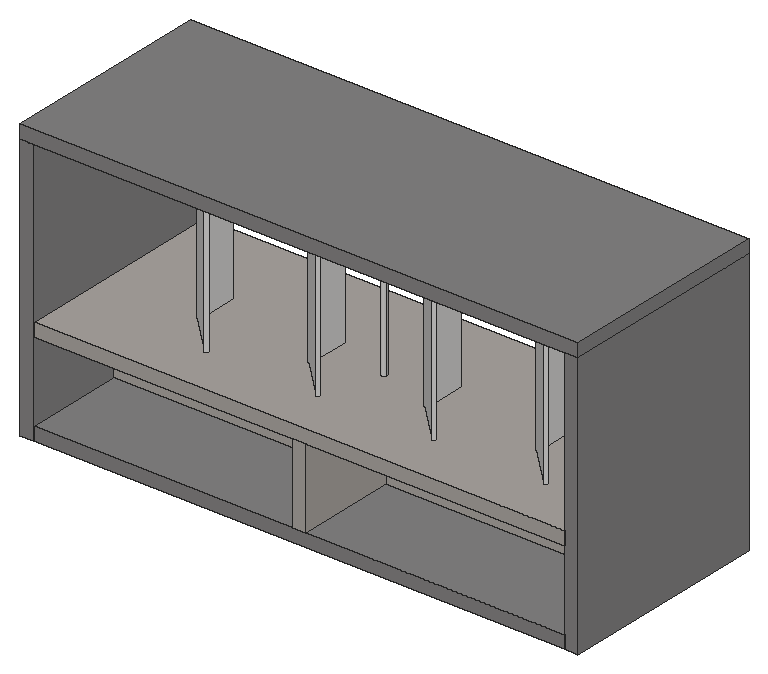
Revit family "System_Furniture-Teknion-Typical-Upstage_07", category Furniture Systems, Revit 2013
Parameters (values of type "Not a Type - Load Type Catalog")
  Rod Finish = Paint - Teknion - Mica - V - Very White
  Perforated Dividers = 0' - 6 1/2"
  Bottom Dividers Constraints = if(Shared, Bottom Dividers, 0' 0")  # 0' - 7 1/2"
  Bottom Dividers = 0' - 7 1/2"
  Bottom Center Divider Constraints = if(Bottom Center, Bottom Center Divider, 0' 8")  # 0' - 8"
  Bottom Center Divider = 0' - 0 1/2"
  Bottom Center = if(Width < 3' 1", 1 = 1, 1 = 0)  # no
  Aperture Constraints = if(Shared, Perforated Dividers, 0' 3 3/32")  # 0' - 6 1/2"
  4 Dividers = if(Width < 4' 1", 1 = 1, 1 = 0)  # yes
  Width = 3' - 6"
  Warranty = "http://www.teknion.com/legal/warranty.pdf"
  URL = "http://www.teknion.com/"
  Top Shelf Offset = if(Top Cubbie, Height / 3, 0' 0")  # 0' - 0"
  Top Cubbie = no
  Shelf Finish = Laminate - Teknion - DE - Latte
  Product Page URL = "http://www.teknion.com/products/product-details?productLineId=c9743b6e-8e7a-673b-a6c8-ff00004460c4"
  Product Name = "Perforated Hutch Stacker"  # constant formula
  Product Line = "UpStage"  # constant formula
  Product Group = "HTSHP"  # constant formula
  Product Documentation Link = "http://fr.teknion.com/pricing/upstage/pdfs/HTSHP_ppg.pdf"
  Perforated Divider Finish = Paint - Teknion - Mica - V - Very White
  Model = "HTSHPHD2130R"
  Material = ""
  Manufacturer Phone Number = "416-661-3370"  # constant formula
  Manufacturer Fax = "416.661.4586"  # constant formula
  Manufacturer Contact Information = "http://www.teknion.com/contact/contactus.asp"
  Manufacturer Address = "1150 Flint Road, Toronto, ON. M3J 2J5. Canada"  # constant formula
  Manufacturer = "Teknion"  # constant formula
  Item Code = Model  # "HTSHPHD2130R"
  Shared = not(Aperture)  # yes
  Height = 1' - 9"
  Environmental Data = "http://www.teknion.com/about-teknion/environment/datasheets.asp#WoodCasegoods"
  Description = "Perforated Hutch Stacker"  # constant formula
  Depth = 1' - 4"
  Case Finish = Laminate - Teknion - LY - Granite
  Bottom Shelf Offset = 0' - 7 1/2"
  Back Finish = Laminate - Teknion - DE - Latte
  Assembly Code = "E2020200"
  Aperture = no
  6 Dividers = if(Width > 4' 2", 1 = 1, 1 = 0)  # no
Reference planes (in)
  plane 1 "Center Front/Back": y = 0
  plane 2: z = 0
  plane 3 "Center Left/Right": x = -0.33333
  plane 4: z = 21
  plane 5: z = 20
  plane 6: z = 1
  plane 7: x = -21.33333
  plane 8: x = -20.33333
  plane 9: x = 19.66667
  plane 10: x = 20.66667
  plane 11: z = 21
  plane 12: z = 20
  plane 13: x = -0.83333
  plane 14: x = 0.16667
  plane 15: z = 7.5
  plane 16: z = 8
  plane 17: z = 7
  plane 18: z = 20.5
  plane 19: y = 8
  plane 20: y = -8
  plane 21: x = -12.93333
  plane 22: x = -4.53333
  plane 23: x = 3.86667
  plane 24: x = 12.26667
  plane 25: y = 7
  plane 26: y = -7
  plane 27: y = 0.5
  plane 28: y = -0.5
  plane 29: x = -9.33333
  plane 30: x = -3.33333
  plane 31: x = 2.66667
  plane 32: x = 8.66667
  plane 33: x = 14.66667
  plane 34: x = -15.33333
  plane 35: y = 1.5
  plane 36: y = -1.5
  plane 37: y = 6
  plane 38: y = -6
Forms (in)
  Extrusion 1, solid, material "Laminate - Teknion - LY - Granite" <- "Case Finish"
    sketch origin (0, 0, 0) x (1, 0, 0) y (0, 0, 1)
      loop
        line (-21.33333, 20) -> (-21.33333, 0) -> (-20.33333, 0) -> (-20.33333, 20) -> (-21.33333, 20)
    from -8 to 8
  Extrusion 2, solid, material "Laminate - Teknion - LY - Granite" <- "Case Finish"
    sketch origin (0, 0, 0) x (1, 0, 0) y (0, 0, 1)
      loop
        line (19.66667, 20) -> (19.66667, 0) -> (20.66667, 0) -> (20.66667, 20) -> (19.66667, 20)
    from -8 to 8
  Extrusion 3, solid, material "Laminate - Teknion - LY - Granite" <- "Case Finish"
    sketch origin (0, 0, 0) x (1, 0, 0) y (0, 0, 1)
      loop
        line (-20.33333, 1) -> (-20.33333, 0) -> (19.66667, 0) -> (19.66667, 1) -> (-20.33333, 1)
    from -8 to 8
  Extrusion 4, solid, material "Laminate - Teknion - LY - Granite" <- "Case Finish"
    sketch origin (0, 0, 0) x (1, 0, 0) y (0, 0, 1)
      loop
        line (-21.33333, 21) -> (-21.33333, 20) -> (20.66667, 20) -> (20.66667, 21) -> (-21.33333, 21)
    from -8 to 8
  Extrusion 5, solid, material "Laminate - Teknion - DE - Latte" <- "Shelf Finish", visible <- "Top Cubbie"
    sketch origin (0, 0, 0) x (1, 0, 0) y (0, 0, 1)
      loop
        line (-20.33333, 21) -> (-20.33333, 20) -> (19.66667, 20) -> (19.66667, 21) -> (-20.33333, 21)
    from -8 to 8
  Extrusion 6, solid, material "Laminate - Teknion - DE - Latte" <- "Shelf Finish"
    sketch origin (0, 0, 0) x (1, 0, 0) y (0, 0, 1)
      loop
        line (-20.33333, 8) -> (-20.33333, 7) -> (19.66667, 7) -> (19.66667, 8) -> (-20.33333, 8)
    from -8 to 8
  Extrusion 7, solid, material "Paint - Teknion - Mica - V - Very White" <- "Perforated Divider Finish", visible <- "4 Dividers"
    sketch origin (0.21011, 16.96008, 0) x (1, 0, 0) y (0, 1, 0)
      loop
        line (-13.14345, -18.46008) -> (-13.14345, -15.46008) -> (-15.97187, -12.63165) -> (-16.14865, -12.80843) -> (-13.39345, -15.56363) -> (-13.39345, -18.56363) -> (-10.4918, -21.46528) -> (-10.31502, -21.2885) -> (-13.14345, -18.46008)
    from 8 to 20
  Extrusion 8, solid, material "Paint - Teknion - Mica - V - Very White" <- "Perforated Divider Finish", visible <- "4 Dividers"
    sketch origin (7.41011, 16.96008, 0) x (1, 0, 0) y (0, 1, 0)
      loop
        line (-11.94345, -18.46008) -> (-11.94345, -15.46008) -> (-14.77187, -12.63165) -> (-14.94865, -12.80843) -> (-12.19345, -15.56363) -> (-12.19345, -18.56363) -> (-9.2918, -21.46528) -> (-9.11502, -21.2885) -> (-11.94345, -18.46008)
    from 8 to 20
  Extrusion 9, solid, material "Paint - Teknion - Mica - V - Very White" <- "Perforated Divider Finish", visible <- "4 Dividers"
    sketch origin (14.86011, 0.41718, 0) x (1, 0, 0) y (0, 1, 0)
      loop
        line (-10.74345, -1.81363) -> (-10.74345, 1.18637) -> (-13.57187, 4.0148) -> (-13.74865, 3.83802) -> (-10.99345, 1.08282) -> (-10.99345, -1.91718) -> (-8.0918, -4.81883) -> (-7.91502, -4.64206) -> (-10.74345, -1.81363)
    from 8 to 20
  Extrusion 10, solid, material "Paint - Teknion - Mica - V - Very White" <- "Perforated Divider Finish", visible <- "4 Dividers"
    sketch origin (22.06011, 0.41718, 0) x (1, 0, 0) y (0, 1, 0)
      loop
        line (-9.54345, -1.81363) -> (-9.54345, 1.18637) -> (-12.37187, 4.0148) -> (-12.54865, 3.83802) -> (-9.79345, 1.08282) -> (-9.79345, -1.91718) -> (-6.8918, -4.81883) -> (-6.71502, -4.64206) -> (-9.54345, -1.81363)
    from 8 to 20
  Extrusion 11, solid, material "Laminate - Teknion - DE - Latte" <- "Back Finish", visible <- "Top Cubbie"
    sketch origin (0, 0, 0) x (1, 0, 0) y (0, 1, 0)
      loop
        line (-20.33333, 7) -> (-0.83333, 7) -> (-0.83333, -8) -> (19.66667, -8) -> (19.66667, -7) -> (0.16667, -7) -> (0.16667, 8) -> (-20.33333, 8) -> (-20.33333, 7)
    from 21 to 20
  Extrusion 12, solid, material "Laminate - Teknion - DE - Latte" <- "Shelf Finish"
    sketch origin (0, 0, 0) x (1, 0, 0) y (0, 1, 0)
      loop
        line (-20.33333, 0.5) -> (-20.33333, -0.5) -> (-0.83333, -0.5) -> (-0.83333, 0.5) -> (-20.33333, 0.5)
      loop
        line (19.66667, -0.5) -> (19.66667, 0.5) -> (0.16667, 0.5) -> (0.16667, -0.5) -> (19.66667, -0.5)
    from 1 to 7
  Extrusion 13, solid, material "Paint - Teknion - Mica - V - Very White" <- "Perforated Divider Finish", visible <- "6 Dividers"
    sketch origin (-14.3541, 1.09568, 0) x (1, 0, 0) y (0, 1, 0)
      loop
        line (-0.97923, -2.59568) -> (-0.97923, 0.40432) -> (-3.80766, 3.23274) -> (-3.98444, 3.05597) -> (-1.22923, 0.30076) -> (-1.22923, -2.69924) -> (1.67242, -5.60089) -> (1.8492, -5.42411) -> (-0.97923, -2.59568)
    from 8 to 20
  Extrusion 14, solid, material "Paint - Teknion - Mica - V - Very White" <- "Perforated Divider Finish", visible <- "6 Dividers"
    sketch origin (-6.26831, 0.72418, 0) x (1, 0, 0) y (0, 1, 0)
      loop
        line (-3.06502, -2.22418) -> (-3.06502, 0.77582) -> (-5.89345, 3.60424) -> (-6.07022, 3.42747) -> (-3.31502, 0.67226) -> (-3.31502, -2.32774) -> (-0.41337, -5.22939) -> (-0.23659, -5.05261) -> (-3.06502, -2.22418)
    from 8 to 20
  Extrusion 15, solid, material "Paint - Teknion - Mica - V - Very White" <- "Perforated Divider Finish", visible <- "6 Dividers"
    sketch origin (1.98169, 0.18847, 0) x (1, 0, 0) y (0, 1, 0)
      loop
        line (-5.31502, -1.68847) -> (-5.31502, 1.31153) -> (-8.14345, 4.13996) -> (-8.32022, 3.96318) -> (-5.56502, 1.20798) -> (-5.56502, -1.79202) -> (-2.66337, -4.69367) -> (-2.48659, -4.5169) -> (-5.31502, -1.68847)
    from 8 to 20
  Extrusion 16, solid, material "Paint - Teknion - Mica - V - Very White" <- "Perforated Divider Finish", visible <- "6 Dividers"
    sketch origin (9.2445, 0.63994, 0) x (1, 0, 0) y (0, 1, 0)
      loop
        line (-6.57783, -2.03639) -> (-6.57783, 0.96361) -> (-9.40626, 3.79204) -> (-9.58304, 3.61526) -> (-6.82783, 0.86006) -> (-6.82783, -2.13994) -> (-3.92618, -5.04159) -> (-3.74941, -4.86481) -> (-6.57783, -2.03639)
    from 8 to 20
  Extrusion 17, solid, material "Paint - Teknion - Mica - V - Very White" <- "Perforated Divider Finish", visible <- "6 Dividers"
    sketch origin (18.00897, -0.41024, 0) x (1, 0, 0) y (0, 1, 0)
      loop
        line (-9.3423, -0.98621) -> (-9.3423, 2.01379) -> (-12.17073, 4.84222) -> (-12.3475, 4.66545) -> (-9.5923, 1.91024) -> (-9.5923, -1.08976) -> (-6.69065, -3.99141) -> (-6.51387, -3.81463) -> (-9.3423, -0.98621)
    from 8 to 20
  Extrusion 18, solid, material "Paint - Teknion - Mica - V - Very White" <- "Perforated Divider Finish", visible <- "6 Dividers"
    sketch origin (24.89583, 0.41718, 0) x (1, 0, 0) y (0, 1, 0)
      loop
        line (-10.22916, -1.81363) -> (-10.22916, 1.18637) -> (-13.05759, 4.0148) -> (-13.23436, 3.83802) -> (-10.47916, 1.08282) -> (-10.47916, -1.91718) -> (-7.57751, -4.81883) -> (-7.40073, -4.64206) -> (-10.22916, -1.81363)
    from 8 to 20
  Extrusion 19, solid, material "Laminate - Teknion - DE - Latte" <- "Shelf Finish"
    sketch origin (0, 0, 0) x (1, 0, 0) y (0, 1, 0)
      loop
        line (-0.83333, 8) -> (-0.83333, -8) -> (0.16667, -8) -> (0.16667, 8) -> (-0.83333, 8)
    from 1 to 7
  Extrusion 20, solid, material "Paint - Teknion - Mica - V - Very White" <- "Rod Finish"
    sketch origin (0, 0, 0) x (1, 0, 0) y (0, 1, 0)
      loop
        circle (-0.33333, 0) r 0.1875
    from 8 to 20
Lines and regions (in)
  Masking region 1
    outline origin (0, 0, 0) x (1, 0, 0) y (0, 1, 0)
      loop
        line (-21.33333, 8) -> (-21.33333, -8) -> (20.66667, -8) -> (20.66667, 8) -> (-21.33333, 8)
Dimensions and locks (in)
  locked: plane 8 to plane 7 at 1
  locked: plane 10 to plane 9 at 1
  locked: plane 6 to plane 2 at 1
  locked: plane 4 to plane 5 at 1
  locked: plane 11 to plane 12 at 1
  locked: plane 14 to plane 13 at 1
  equal spacing: plane 14, plane 3 "Center Left/Right", plane 13
  "Width": plane 10 to plane 7
  equal spacing: plane 10, plane 3 "Center Left/Right", plane 7
  "Height": plane 4 to plane 2
  "Bottom Shelf Offset": plane 15 to plane 2
  locked: plane 16 to plane 17 at 1
  equal spacing: plane 16, plane 15, plane 17
  equal spacing: plane 11, plane 18, plane 12
  "Top Shelf Offset": plane 4 to plane 11
  "Depth": plane 19 to plane 20
  equal spacing: plane 19, plane 1 "Center Front/Back", plane 20
  equal spacing: plane 7, plane 21, plane 22, plane 23, plane 24, plane 10
  locked: Extrusion 8 sketch curve to Extrusion 8 sketch curve at 0.25
  locked: Extrusion 9 sketch curve to Extrusion 9 sketch curve at 0.25
  locked: Extrusion 10 sketch curve to Extrusion 10 sketch curve at 0.25
  locked: plane 19 to plane 25 at 1
  locked: plane 20 to plane 26 at 1
  Extrusion 7 sketch curve to Extrusion 7 sketch curve to Extrusion 7 sketch curve to plane 21 to Extrusion 7 sketch curve to Extrusion 7 sketch curve = 0' - 0.17678" locked, 0' - 2.57843" locked, 0' - 0 1/4" locked, 0' - 2.65165" locked, 0' - 0.17678" locked
  Extrusion 8 sketch curve to Extrusion 8 sketch curve to Extrusion 8 sketch curve to Extrusion 8 sketch curve to plane 22 to Extrusion 8 sketch curve to Extrusion 8 sketch curve = 0' - 0.17678" locked, 0' - 2.57843" locked, 0' - 0" locked, 0' - 0 1/4" locked, 0' - 2.65165" locked, 0' - 0.17678" locked
  Extrusion 9 sketch curve to Extrusion 9 sketch curve to plane 23 to Extrusion 9 sketch curve to Extrusion 9 sketch curve to Extrusion 9 sketch curve to Extrusion 9 sketch curve = 0' - 0.17678" locked, 0' - 2.57843" locked, 0' - 0 1/4" locked, 0' - 0" locked, 0' - 2.65165" locked, 0' - 0.17678" locked
  Extrusion 10 sketch curve to Extrusion 10 sketch curve to plane 24 to Extrusion 10 sketch curve to Extrusion 10 sketch curve to Extrusion 10 sketch curve to Extrusion 10 sketch curve = 0' - 0.17678" locked, 0' - 2.57843" locked, 0' - 0 1/4" locked, 0' - 0" locked, 0' - 2.65165" locked, 0' - 0.17678" locked
  locked: plane 28 to plane 27 at 1
  equal spacing: plane 7, plane 34, plane 29, plane 30, plane 31, plane 32, plane 33, plane 10
  Extrusion 13 sketch curve to Extrusion 13 sketch curve to Extrusion 13 sketch curve to Extrusion 13 sketch curve = 0' - 0 1/4" locked, 0' - 1.87132" locked, 0' - 0 1/4" locked
  locked: Extrusion 13 sketch curve to Extrusion 13 sketch curve at 10.12132
  locked: Extrusion 13 sketch curve to Extrusion 13 sketch curve at 0.25
  Extrusion 13 sketch curve to Extrusion 13 sketch curve to Extrusion 13 sketch curve to Extrusion 13 sketch curve to Extrusion 13 sketch curve to Extrusion 13 sketch curve = 0' - 0.17678" locked, 0' - 2.82843" locked, 0' - 0" locked, 0' - 2.65165" locked, 0' - 0.17678" locked
  locked: Extrusion 13 sketch curve to Extrusion 13 sketch curve at 8.83363
  Extrusion 14 sketch curve to Extrusion 14 sketch curve to Extrusion 14 sketch curve to Extrusion 14 sketch curve = 0' - 0 1/4" locked, 0' - 1.87132" locked, 0' - 0 1/4" locked
  locked: Extrusion 14 sketch curve to Extrusion 14 sketch curve at 10.12132
  locked: Extrusion 14 sketch curve to Extrusion 14 sketch curve at 0.25
  Extrusion 14 sketch curve to Extrusion 14 sketch curve to Extrusion 14 sketch curve to Extrusion 14 sketch curve to Extrusion 14 sketch curve to Extrusion 14 sketch curve = 0' - 0.17678" locked, 0' - 2.82843", 0' - 0" locked, 0' - 2.65165" locked, 0' - 0.17678" locked
  Extrusion 14 sketch curve to Extrusion 14 sketch curve = 0' - 8.83363"
  Extrusion 15 sketch curve to Extrusion 15 sketch curve to Extrusion 15 sketch curve to Extrusion 15 sketch curve = 0' - 0 1/4" locked, 0' - 1.87132" locked, 0' - 0 1/4" locked
  locked: Extrusion 15 sketch curve to Extrusion 15 sketch curve at 10.12132
  locked: Extrusion 15 sketch curve to Extrusion 15 sketch curve at 0.25
  Extrusion 15 sketch curve to Extrusion 15 sketch curve to Extrusion 15 sketch curve to Extrusion 15 sketch curve to Extrusion 15 sketch curve to Extrusion 15 sketch curve = 0' - 0.17678" locked, 0' - 2.82843" locked, 0' - 0" locked, 0' - 2.65165" locked, 0' - 0.17678" locked
  Extrusion 15 sketch curve to Extrusion 15 sketch curve = 0' - 8.83363"
  Extrusion 16 sketch curve to Extrusion 16 sketch curve to Extrusion 16 sketch curve to Extrusion 16 sketch curve = 0' - 0 1/4" locked, 0' - 1.87132" locked, 0' - 0 1/4" locked
  locked: Extrusion 16 sketch curve to Extrusion 16 sketch curve at 10.12132
  locked: Extrusion 16 sketch curve to Extrusion 16 sketch curve at 0.25
  Extrusion 16 sketch curve to Extrusion 16 sketch curve to Extrusion 16 sketch curve to Extrusion 16 sketch curve to Extrusion 16 sketch curve to Extrusion 16 sketch curve = 0' - 0.17678" locked, 0' - 2.82843", 0' - 0" locked, 0' - 2.65165" locked, 0' - 0.17678" locked
  Extrusion 16 sketch curve to Extrusion 16 sketch curve = 0' - 8.83363"
  Extrusion 17 sketch curve to Extrusion 17 sketch curve to Extrusion 17 sketch curve to Extrusion 17 sketch curve = 0' - 0 1/4" locked, 0' - 1.87132" locked, 0' - 0 1/4" locked
  locked: Extrusion 17 sketch curve to Extrusion 17 sketch curve at 10.12132
  locked: Extrusion 17 sketch curve to Extrusion 17 sketch curve at 0.25
  Extrusion 17 sketch curve to Extrusion 17 sketch curve to Extrusion 17 sketch curve to Extrusion 17 sketch curve to Extrusion 17 sketch curve to Extrusion 17 sketch curve = 0' - 0.17678" locked, 0' - 2.82843", 0' - 0" locked, 0' - 2.65165" locked, 0' - 0.17678" locked
  Extrusion 17 sketch curve to Extrusion 17 sketch curve = 0' - 8.83363"
  Extrusion 18 sketch curve to Extrusion 18 sketch curve to Extrusion 18 sketch curve to Extrusion 18 sketch curve = 0' - 0 1/4" locked, 0' - 1.87132" locked, 0' - 0 1/4" locked
  locked: Extrusion 18 sketch curve to Extrusion 18 sketch curve at 10.12132
  locked: Extrusion 18 sketch curve to Extrusion 18 sketch curve at 0.25
  Extrusion 18 sketch curve to Extrusion 18 sketch curve to Extrusion 18 sketch curve to Extrusion 18 sketch curve to Extrusion 18 sketch curve to Extrusion 18 sketch curve = 0' - 0.17678" locked, 0' - 2.82843", 0' - 0" locked, 0' - 2.65165" locked, 0' - 0.17678" locked
  Extrusion 18 sketch curve to Extrusion 18 sketch curve = 0' - 8.83363"
  Extrusion 7 sketch curve to Extrusion 7 sketch curve to Extrusion 7 sketch curve to plane 35 to Extrusion 7 sketch curve to Extrusion 7 sketch curve to Extrusion 7 sketch curve to Extrusion 7 sketch curve to Extrusion 7 sketch curve = 0' - 0.17678" locked, 0' - 2.65165" locked, 0' - 0" locked, 0' - 0.10355" locked, 0' - 2.89645" locked, 0' - 0.10355" locked, 0' - 2.72487" locked, 0' - 0.17678" locked
  Extrusion 8 sketch curve to Extrusion 8 sketch curve to Extrusion 8 sketch curve to plane 35 to Extrusion 8 sketch curve to Extrusion 8 sketch curve to Extrusion 8 sketch curve to Extrusion 8 sketch curve to Extrusion 8 sketch curve = 0' - 0.17678" locked, 0' - 2.65165" locked, 0' - 0" locked, 0' - 0.10355" locked, 0' - 2.89645" locked, 0' - 0.10355" locked, 0' - 2.72487" locked, 0' - 0.17678" locked
  "Aperture Constraints": plane 19 to plane 35
  "Aperture Constraints": plane 20 to plane 36
  Extrusion 10 sketch curve to Extrusion 10 sketch curve to Extrusion 10 sketch curve to Extrusion 10 sketch curve to Extrusion 10 sketch curve to plane 36 to Extrusion 10 sketch curve to Extrusion 10 sketch curve to Extrusion 10 sketch curve = 0' - 0.17678" locked, 0' - 2.65165" locked, 0' - 0.10355" locked, 0' - 2.89645" locked, 0' - 0.10355" locked, 0' - 0" locked, 0' - 2.72487" locked, 0' - 0.17678" locked
  Extrusion 9 sketch curve to Extrusion 9 sketch curve to Extrusion 9 sketch curve to Extrusion 9 sketch curve to Extrusion 9 sketch curve to plane 36 to Extrusion 9 sketch curve to Extrusion 9 sketch curve to Extrusion 9 sketch curve = 0' - 0.17678" locked, 0' - 2.65165" locked, 0' - 0.10355" locked, 0' - 2.89645" locked, 0' - 0.10355" locked, 0' - 0" locked, 0' - 2.72487" locked, 0' - 0.17678" locked
  "Bottom Dividers Constraints": plane 19 to Extrusion 12 sketch curve
  locked: Extrusion 12 sketch curve to Extrusion 12 sketch curve at 1  (x2)
  "Bottom Dividers Constraints": plane 20 to Extrusion 12 sketch curve
  equal spacing: Extrusion 19 sketch curve, plane 1 "Center Front/Back", Extrusion 19 sketch curve
  "Bottom Center Divider Constraints": plane 1 "Center Front/Back" to Extrusion 19 sketch curve
  aligned and locked: level to plane 2
  aligned and locked: Extrusion 1 sketch curve to plane 5
  aligned and locked: plane 7 to Extrusion 1 sketch curve
  aligned and locked: plane 8 to Extrusion 1 sketch curve
  aligned and locked: Extrusion 2 sketch curve to plane 5
  aligned and locked: plane 9 to Extrusion 2 sketch curve
  aligned and locked: plane 10 to Extrusion 2 sketch curve
  aligned and locked: plane 2 to Extrusion 2 sketch curve
  aligned and locked: plane 2 to Extrusion 1 sketch curve
  aligned and locked: Extrusion 3 sketch curve to plane 6
  aligned and locked: Extrusion 3 sketch curve to plane 8
  aligned and locked: Extrusion 2 to Extrusion 3 sketch curve
  aligned and locked: plane 2 to Extrusion 3 sketch curve
  aligned and locked: Extrusion 4 sketch curve to plane 4
  aligned and locked: plane 7 to Extrusion 4 sketch curve
  aligned and locked: Extrusion 4 sketch curve to Extrusion 2  (x2)
  aligned and locked: Extrusion 5 sketch curve to plane 11
  aligned and locked: Extrusion 5 sketch curve to plane 8
  aligned and locked: Extrusion 5 sketch curve to plane 12
  aligned and locked: Extrusion 5 sketch curve to plane 9
  aligned and locked: Extrusion 6 sketch curve to plane 16
  aligned and locked: Extrusion 6 sketch curve to plane 8
  aligned and locked: plane 17 to Extrusion 6 sketch curve
  aligned and locked: Extrusion 6 sketch curve to plane 9
  aligned and locked: plane 19 to Extrusion 4
  aligned and locked: plane 19 to Extrusion 5
  aligned and locked: plane 19 to Extrusion 6
  aligned and locked: plane 19 to Extrusion 3
  aligned and locked: plane 19 to Extrusion 1
  aligned and locked: plane 19 to Extrusion 2
  aligned and locked: plane 20 to Extrusion 4
  aligned and locked: plane 20 to Extrusion 5
  aligned and locked: plane 20 to Extrusion 6
  aligned and locked: plane 20 to Extrusion 3
  aligned and locked: plane 20 to Extrusion 1
  aligned and locked: plane 20 to Extrusion 2
  aligned and locked: Extrusion 7 to plane 16
  aligned and locked: Extrusion 8 to plane 16
  aligned and locked: Extrusion 9 to plane 16
  aligned and locked: Extrusion 10 to plane 16
  aligned and locked: Extrusion 7 to plane 12
  aligned and locked: Extrusion 8 to plane 12
  aligned and locked: Extrusion 9 to plane 12
  aligned and locked: Extrusion 10 to plane 12
  aligned and locked: Extrusion 11 sketch curve to plane 8
  aligned and locked: Extrusion 11 sketch curve to plane 19
  aligned and locked: plane 25 to Extrusion 11 sketch curve
  aligned and locked: plane 14 to Extrusion 11 sketch curve
  aligned and locked: plane 13 to Extrusion 11 sketch curve
  aligned and locked: plane 26 to Extrusion 11 sketch curve
  aligned and locked: Extrusion 11 sketch curve to plane 20
  aligned and locked: Extrusion 11 sketch curve to plane 9
  aligned and locked: plane 5 to Extrusion 11
  aligned and locked: Extrusion 11 to plane 11
  aligned and locked: Masking region 1 sketch curve to Extrusion 4  (x2)
  aligned and locked: Masking region 1 sketch curve to Extrusion 1
  aligned and locked: Masking region 1 sketch curve to Extrusion 2
  aligned and locked: plane 19 to Extrusion 11
  aligned and locked: Extrusion 4 to plane 20
  aligned and locked: Extrusion 4 to plane 7
  aligned and locked: Extrusion 4 to plane 10
  aligned and locked: Extrusion 2 to plane 9
  aligned and locked: Extrusion 11 to plane 14
  aligned and locked: Extrusion 11 to plane 13
  aligned and locked: Extrusion 1 to plane 8
  aligned and locked: Extrusion 11 to plane 25
  aligned and locked: Extrusion 11 to plane 26
  aligned and locked: plane 20 to Extrusion 11
  aligned and locked: plane 9 to Extrusion 11
  aligned and locked: plane 8 to Extrusion 11
  aligned and locked: plane 21 to Extrusion 7 sketch curve
  aligned and locked: plane 9 to Extrusion 12
  aligned and locked: plane 8 to Extrusion 12
  aligned and locked: Extrusion 12 to plane 6
  aligned and locked: Extrusion 6 to plane 17  (x2)
  aligned and locked: plane 6 to Extrusion 3
  aligned and locked: plane 16 to Extrusion 6
  aligned and locked: plane 17 to Extrusion 12
  aligned and locked: Extrusion 12 to plane 17  (x2)
  aligned and locked: plane 34 to Extrusion 13
  aligned and locked: plane 29 to Extrusion 14
  aligned and locked: plane 30 to Extrusion 15
  aligned and locked: plane 31 to Extrusion 16
  aligned and locked: plane 32 to Extrusion 17
  aligned and locked: plane 33 to Extrusion 18
  aligned and locked: plane 35 to Extrusion 13 sketch curve
  aligned and locked: plane 35 to Extrusion 14 sketch curve
  aligned and locked: plane 35 to Extrusion 15 sketch curve
  aligned and locked: plane 36 to Extrusion 18 sketch curve
  aligned and locked: plane 36 to Extrusion 17 sketch curve
  aligned and locked: plane 36 to Extrusion 16 sketch curve
  aligned and locked: Extrusion 13 to plane 12
  aligned and locked: Extrusion 14 to plane 12
  aligned and locked: Extrusion 15 to plane 12
  aligned and locked: Extrusion 16 to plane 12
  aligned and locked: Extrusion 17 to plane 12
  aligned and locked: Extrusion 18 to plane 12
  aligned and locked: plane 13 to Extrusion 19 sketch curve
  aligned and locked: plane 14 to Extrusion 19 sketch curve
  aligned and locked: plane 17 to Extrusion 19
  aligned and locked: Extrusion 19 to plane 6
  aligned and locked: Extrusion 12 sketch curve to plane 13
  aligned and locked: plane 14 to Extrusion 12 sketch curve
  aligned and locked: plane 8 to Extrusion 12 sketch curve
  aligned and locked: plane 9 to Extrusion 12 sketch curve
  aligned and locked: plane 3 "Center Left/Right" to Extrusion 20 sketch curve
  aligned and locked: plane 1 "Center Front/Back" to Extrusion 20 sketch curve
  aligned and locked: Extrusion 20 to plane 12
  aligned and locked: Extrusion 20 to plane 16
  aligned and locked: Extrusion 13 to plane 16
  aligned and locked: Extrusion 14 to plane 16
  aligned and locked: Extrusion 16 to plane 16
  aligned and locked: Extrusion 15 to plane 16
  aligned and locked: Extrusion 17 to plane 16
  aligned and locked: Extrusion 18 to plane 16
Automatic sketch dimensions
  Extrusion 13 sketch curve to plane 8 = 0' - 1.9948"
  plane 21 to Extrusion 14 sketch curve = 0' - 0.5948"
  Extrusion 15 sketch curve to plane 22 = 0' - 1.8052"
  plane 14 to Extrusion 16 sketch curve = 0' - 0.5052"
  Extrusion 17 sketch curve to plane 32 = 0' - 3.0052"
  Extrusion 18 sketch curve to plane 33 = 0' - 0"
  radius of Extrusion 20 sketch curve = 0' - 0 3/16"
